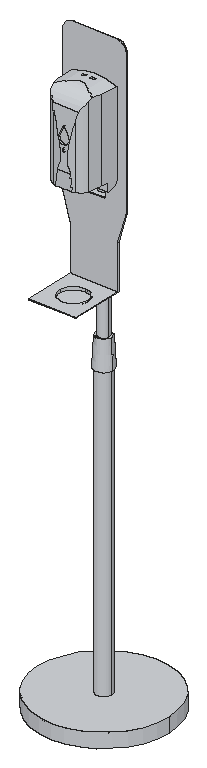
Revit family "AX9497+AX9428-S-W-0001", category Modèles génériques, Revit 2023
Family settings
  Hôte = Sol
  Peut héberger une armature = Non
  Cote de connecteur circulaire = Utiliser le diamètre
  Type d'élément = Normal
  Toujours verticalement = Oui
  Couper avec des vides une fois chargée = Non
  Conserver l'orientation des annotations = Non
  Partagée = Non
  Repère de localisation dans la pièce = Non
Parameters
  URL = "https://www.axeuro.com/fr/jolisearch?s=AX9497%2BAX9428-S-W"
  Type de produit / Type of product = "Distributeur automatique de désinfectant liquide sur pied"  # constant formula
  Référence / Reference = "AX9497+AX9428-S-W"  # constant formula
  Entreprise / Company = "Axeuro"  # constant formula
  Elévation par défaut = 0 mm
Reference planes
  plane 1 "Centre (avant/arrière)": y = 0
  plane 2: z = 0
  plane 3 "Centre (gauche/droite)": x = 0
Forms (mm)
  Extrusion 1, solid
    sketch origin (162.428, -49.928, 0) x (1, 0, 0) y (0, 1, 0)
      loop
        circle (-162.428, 49.928) r 160
    from 0 to 35
  Extrusion 2, solid
    sketch origin (0, 0, 0) x (1, 0, 0) y (0, 1, 0)
      loop
        circle (0, 0) r 19
    from 35 to 745
  Blend 3, solid
    base sketch origin (0, 0, 880) x (1, 0, 0) y (0, 1, 0)
      loop
        circle (0, 0) r 22.5
    top sketch origin (0, 0, 0) x (1, 0, 0) y (0, 1, 0)
      loop
        circle (0, 0) r 18.456
    from -135 to 815
  Extrusion 4, solid
    sketch origin (0, 0, 0) x (1, 0, 0) y (0, 1, 0)
      loop
        circle (0, 0) r 12.5
    from 815 to 1329.4
  Extrusion 5, solid
    sketch origin (58.525, -26.5, -230.867) x (1, 0, 0) y (0, 0, 1)
      loop
        line (-1.025, 1170.867) -> (-1.025, 1280.867) -> (18.975, 1350.867) -> (18.975, 1701.731)
        arc (18.975, 1701.731) -> (12.198, 1718.09) -> (-4.161, 1724.867) r 23.136
        line (-4.161, 1724.867) -> (-112.889, 1724.867)
        arc (-112.889, 1724.867) -> (-129.249, 1718.09) -> (-136.025, 1701.731) r 23.136
        line (-136.025, 1701.731) -> (-136.025, 1350.867) -> (-116.025, 1280.867) -> (-116.025, 1170.867) -> (-1.025, 1170.867)
      loop
        arc (-108.525, 1605.867) -> (-111.025, 1603.367) -> (-108.525, 1600.867) r 2.5
        line (-108.525, 1600.867) -> (-88.525, 1600.867)
        arc (-88.525, 1600.867) -> (-86.025, 1603.367) -> (-88.525, 1605.867) r 2.5
        line (-88.525, 1605.867) -> (-108.525, 1605.867)
      loop
        arc (-28.525, 1605.867) -> (-31.025, 1603.367) -> (-28.525, 1600.867) r 2.5
        line (-28.525, 1600.867) -> (-8.525, 1600.867)
        arc (-8.525, 1600.867) -> (-6.025, 1603.367) -> (-8.525, 1605.867) r 2.5
        line (-8.525, 1605.867) -> (-28.525, 1605.867)
      loop
        arc (-108.525, 1487.867) -> (-111.025, 1485.367) -> (-108.525, 1482.867) r 2.5
        line (-108.525, 1482.867) -> (-88.525, 1482.867)
        arc (-88.525, 1482.867) -> (-86.025, 1485.367) -> (-88.525, 1487.867) r 2.5
        line (-88.525, 1487.867) -> (-108.525, 1487.867)
      loop
        arc (-28.525, 1487.867) -> (-31.025, 1485.367) -> (-28.525, 1482.867) r 2.5
        line (-28.525, 1482.867) -> (-8.525, 1482.867)
        arc (-8.525, 1482.867) -> (-6.025, 1485.367) -> (-8.525, 1487.867) r 2.5
        line (-8.525, 1487.867) -> (-28.525, 1487.867)
      loop
        arc (-108.525, 1512.367) -> (-111.025, 1509.867) -> (-108.525, 1507.367) r 2.5
        line (-108.525, 1507.367) -> (-88.525, 1507.367)
        arc (-88.525, 1507.367) -> (-86.025, 1509.867) -> (-88.525, 1512.367) r 2.5
        line (-88.525, 1512.367) -> (-108.525, 1512.367)
      loop
        arc (-28.525, 1512.367) -> (-31.025, 1509.867) -> (-28.525, 1507.367) r 2.5
        line (-28.525, 1507.367) -> (-8.525, 1507.367)
        arc (-8.525, 1507.367) -> (-6.025, 1509.867) -> (-8.525, 1512.367) r 2.5
        line (-8.525, 1512.367) -> (-28.525, 1512.367)
      loop
        circle (-31.763, 1610.367) r 2.5
      loop
        circle (-85.288, 1610.367) r 2.5
    from 0 to 1.496
  Extrusion 6, solid
    sketch origin (-109.482, -92.345, -288.1) x (1, 0, 0) y (0, 1, 0)
      loop
        line (51.982, 65.845) -> (51.982, -64.155) -> (166.982, -64.155) -> (166.982, 65.845) -> (51.982, 65.845)
      loop
        circle (109.482, 0.097) r 35
    from 1228.1 to 1229.6
  Extrusion 7, solid
    sketch origin (0, -26.5, -230.867) x (1, 0, 0) y (0, 1, 0)
      loop
        circle (0, -65.748) r 35
    from 1165.367 to 1172.367
  Extrusion 8, void
    sketch origin (0, -14, -16) x (1, 0, 0) y (0, 0, 1)
      loop
        line (27.5, 1329.4) -> (27.5, 1357.5)
        arc (27.5, 1357.5) -> (0, 1385) -> (-27.5, 1357.5) r 27.5
        line (-27.5, 1357.5) -> (-27.5, 1329.4) -> (27.5, 1329.4)
    from 12.5 to 13.996
  Extrusion 9, solid
    sketch origin (0, 0, -17.496) x (1, 0, 0) y (0, 1, 0)
      loop
        circle (0, 0) r 15
    from 1332.392 to 1336.359
  Extrusion 10, void
    sketch origin (0, -14, -196) x (1, 0, 0) y (0, 0, 1)
      loop
        line (27.5, 1329.4) -> (27.5, 1357.5)
        arc (27.5, 1357.5) -> (0, 1385) -> (-27.5, 1357.5) r 27.5
        line (-27.5, 1357.5) -> (-27.5, 1329.4) -> (27.5, 1329.4)
    from 12.5 to 13.996
  Extrusion 11, solid
    sketch origin (0, -1355.9, 1300.9) x (1, 0, 0) y (0, 1, 0)
      loop
        line (-27.5, 1357.5) -> (-27.5, 1329.4) -> (27.5, 1329.4) -> (27.5, 1357.5)
        arc (27.5, 1357.5) -> (0, 1385) -> (-27.5, 1357.5) r 27.5
    from 12.5 to 13.996
  Extrusion 12, solid
    sketch origin (0, -1355.9, 1120.9) x (1, 0, 0) y (0, 1, 0)
      loop
        line (-27.5, 1357.5) -> (-27.5, 1329.4) -> (27.5, 1329.4) -> (27.5, 1357.5)
        arc (27.5, 1357.5) -> (0, 1385) -> (-27.5, 1357.5) r 27.5
    from 12.5 to 13.996
  Extrusion 13, void
    sketch origin (0, 0, 0) x (1, 0, 0) y (0, 1, 0)
      loop
        circle (0, -92.248) r 33.469
    from 936 to 941.5
  Extrusion 14, solid
    sketch origin (77.512, 890.294, 1150) x (-1, 0, 0) y (0, -1, 0)
      loop
        arc (131.512, 918.29) -> (130.153, 940.821) -> (128.012, 963.29) r 649.548
        arc (128.012, 963.29) -> (126.063, 977.837) -> (123.512, 992.29) r 353.068
        arc (123.512, 992.29) -> (115.839, 1002.832) -> (104.512, 1009.29) r 31.018
        arc (104.512, 1009.29) -> (91.171, 1012.368) -> (77.512, 1013.29) r 86.032
        arc (77.512, 1013.29) -> (63.852, 1012.368) -> (50.512, 1009.29) r 86.032
        arc (50.512, 1009.29) -> (39.184, 1002.832) -> (31.512, 992.29) r 31.018
        arc (31.512, 992.29) -> (28.96, 977.837) -> (27.012, 963.29) r 353.068
        arc (27.012, 963.29) -> (24.871, 940.821) -> (23.512, 918.29) r 649.548
        line (23.512, 918.29) -> (131.512, 918.29)
    from 19 to 250
  Extrusion 15, void
    sketch origin (0, 47.004, 452.989) x (0, -1, 0) y (0, 0, 1)
      loop
        line (75, 947.011) -> (116, 947.011)
        arc (116, 947.011) -> (145.264, 936.029) -> (164, 911.011) r 55.682
        arc (164, 911.011) -> (168.938, 842.1) -> (169, 773.011) r 978.153
        arc (169, 773.011) -> (167.893, 733.278) -> (166.162, 693.567) r 2533.882
        line (166.162, 693.567) -> (199, 693.567) -> (199, 951.011) -> (75, 951.011) -> (75, 947.011)
    from -80.116 to 80
  Extrusion 16, void
    sketch origin (0, -27.996, 452.989) x (-1, 0, 0) y (0, 0, 1)
      loop
        line (54, 936.011) -> (64, 936.011) -> (64, 956.011) -> (-62.501, 956.011) -> (-62.501, 936.011) -> (-54, 936.011)
        arc (-54, 936.011) -> (0, 947.011) -> (54, 936.011) r 138.045
    from -132.668 to 15.486
  Extrusion 17, void
    sketch origin (0, -27.996, 491.989) x (-1, 0, 0) y (0, 0, 1)
      loop
        line (52.604, 677.014) -> (52.604, 695.511)
        arc (52.604, 695.511) -> (51.871, 697.281) -> (50.102, 698.014) r 2.502
        arc (50.102, 698.014) -> (25.078, 696.225) -> (0, 695.511) r 584.194
        arc (0, 695.511) -> (-25.078, 696.225) -> (-50.102, 698.014) r 584.194
        arc (-50.102, 698.014) -> (-51.871, 697.281) -> (-52.604, 695.511) r 2.502
        line (-52.604, 695.511) -> (-52.604, 677.014) -> (52.604, 677.014)
    from -109.954 to -25
  Extrusion 18, void
    sketch origin (0, 47.004, 491.989) x (0, -1, 0) y (0, 0, 1)
      loop
        line (75, 677.011) -> (98, 677.011)
        arc (98, 677.011) -> (83.991, 681.405) -> (75, 693.011) r 24.531
        line (75, 693.011) -> (75, 677.011)
    from -80.116 to 80
  Extrusion 19, void
    sketch origin (-112.858, -27.996, 479.927) x (-1, 0, 0) y (0, 0, 1)
      loop
        arc (-111.303, 844.075) -> (-112.858, 845.073) -> (-114.413, 844.075) r 1.711
        arc (-114.413, 844.075) -> (-121.302, 831.496) -> (-126.349, 818.073) r 101.512
        arc (-126.349, 818.073) -> (-112.858, 805.073) -> (-99.367, 818.073) r 13.5
        arc (-99.367, 818.073) -> (-104.414, 831.496) -> (-111.303, 844.075) r 101.512
    from -95.83 to -91.001
  Extrusion 20, void
    sketch origin (-50.861, 155.873, 452.989) x (-1, 0, 0) y (0, -1, 0)
      loop
        line (-65.861, 204.869) -> (-65.861, 199.869) -> (-56.861, 199.869) -> (-56.861, 204.869) -> (-65.861, 204.869)
    from 943.887 to 949.708
  Extrusion 21, void
    sketch origin (50.861, 155.873, 452.989) x (1, 0, 0) y (0, 1, 0)
      loop
        line (-65.861, -204.869) -> (-56.861, -204.869) -> (-56.861, -199.869) -> (-65.861, -199.869) -> (-65.861, -204.869)
    from 943.887 to 949.708
  Extrusion 22, void
    sketch origin (0, -27.996, 458.857) x (-1, 0, 0) y (0, 0, 1)
      loop
        circle (0, 814.143) r 3
    from -95.83 to -92.164
  Extrusion 23, void
    sketch origin (82.664, 47.004, 483.768) x (-1, 0, 0) y (0, 0, 1)
      loop
        arc (107.614, 893.102) -> (109.414, 885.002) -> (111.214, 893.102) r 4.25
        line (111.214, 893.102) -> (111.214, 897.067)
        arc (111.214, 897.067) -> (109.414, 898.232) -> (107.614, 897.067) r 1.974
        line (107.614, 897.067) -> (107.614, 893.102)
    from -76.045 to -75
  Extrusion 24, void
    sketch origin (-71.414, 47.004, 407.768) x (1, 0, 0) y (0, 0, -1)
      loop
        line (107.614, -893.102) -> (107.614, -897.067)
        arc (107.614, -897.067) -> (109.414, -898.232) -> (111.214, -897.067) r 1.974
        line (111.214, -897.067) -> (111.214, -893.102)
        arc (111.214, -893.102) -> (109.414, -885.002) -> (107.614, -893.102) r 4.25
    from -76.045 to -75
  Extrusion 25, void
    sketch origin (136.164, 47.004, 483.768) x (-1, 0, 0) y (0, 0, 1)
      loop
        arc (107.614, 893.102) -> (109.414, 885.002) -> (111.214, 893.102) r 4.25
        line (111.214, 893.102) -> (111.214, 897.067)
        arc (111.214, 897.067) -> (109.414, 898.232) -> (107.614, 897.067) r 1.974
        line (107.614, 897.067) -> (107.614, 893.102)
    from -76.045 to -75
  Extrusion 26, void
    sketch origin (71.414, 47.004, 407.768) x (-1, 0, 0) y (0, 0, 1)
      loop
        arc (107.614, 893.102) -> (109.414, 885.002) -> (111.214, 893.102) r 4.25
        line (111.214, 893.102) -> (111.214, 897.067)
        arc (111.214, 897.067) -> (109.414, 898.232) -> (107.614, 897.067) r 1.974
        line (107.614, 897.067) -> (107.614, 893.102)
    from -76.045 to -75
Cuts and joins
  Extrusion 8, Extrusion 10 cuts Extrusion 5
  Extrusion 8, Extrusion 10, Extrusion 13 cuts Extrusion 6
  Extrusion 13 cuts Extrusion 7
  joined: Extrusion 5, Extrusion 6, Extrusion 7, Extrusion 11
  Extrusion 8 cuts Extrusion 4
  Extrusion 10 cuts Extrusion 9
  Extrusion 13 cuts Extrusion 1
  Extrusion 15, Extrusion 16, Extrusion 17, Extrusion 18, Extrusion 19, Extrusion 20, Extrusion 21, Extrusion 22, Extrusion 23, Extrusion 24, Extrusion 25, Extrusion 26 cuts Extrusion 14
Lines and regions (mm)
  reference lines
    curve 1: line (0, 43.1, 0) -> (0, 29.1, 0)
Dimensions and locks
  aligned and locked: level to plane 2
